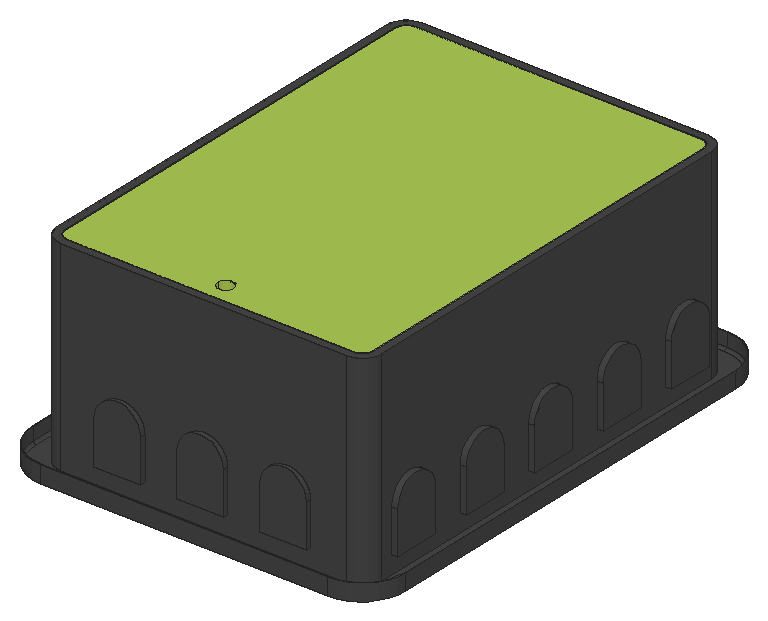
Revit family "VB Series Valves Boxes -  Super Jumbo Valve Box", category Acessórios do tubo, Revit 2020
Family settings
  Cota do conector redondo = Utilizar diâmetro
  Tipo de parte = Normal
  Número OmniClass = 23.60.00.00
  Título OmniClass = General Purpose: Services
  Com base no plano de trabalho = Não
  Sempre na vertical = Sim
  Corte com vazios quando carregada = Não
  Compartilhado = Não
Parameters (values of type "Super Jumbo Valve Box")
  x = 7 cm
  Door 9 [instance] = yes
  Door 8 [instance] = yes
  Door 7 [instance] = yes
  Door 6 [instance] = yes
  Door 5 [instance] = yes
  Door 4 [instance] = yes
  Door 3 [instance] = yes
  Door 2 [instance] = yes
  Door 16 [instance] = yes
  Door 15 [instance] = yes
  Door 14 [instance] = yes
  Door 13 [instance] = yes
  Door 12 [instance] = yes
  Door 11 [instance] = yes
  Door 10 [instance] = yes
  Door 1 [instance] = yes
  DDT4 = 0.1 cm
  URL = "https://www.rainbird.com/"
  Width = 60.5 cm
  SupportProjetos: Reviw Date = ""  # constant formula
  SupportProjetos: Reviw = "R00"  # constant formula
  SupportProjetos: Level of Detail = "LOD300"  # constant formula
  SupportProjetos: Developed = "MICHEL SOARES MOTA"  # constant formula
  SupportProjetos: Creation Date = "08/09/2020"  # constant formula
  RainBird: Product Link = "https://www.rainbird.com/"
  RainBird: Description = "VB Series Valves Boxes - Super Jumbo Valve Box"
  RainBird: Comment = ""
  RainBird: Code = "A61473"  # constant formula
  R = 3.5 cm
  Plastic 2 = Green 2
  Plastic 1 = Black
  Open/Close Box [instance] = yes
  Modelo = "VBSPRH"
  Height = 38.1 cm
  Elevação padrão = 0 cm
  Descrição = RainBird: Description  # "VB Series Valves Boxes - Super Jumbo Valve Box"
  DDT8 = 3 cm
  DDT7 = 4 cm
  DDT6 = 1.5 cm
  DDT5 = 2 cm
  DDT3 = Length / 2  # 42.05 cm
  DDT2 = Width / 2  # 30.25 cm
  DDT1 = 0.1 cm
  Length = 84.1 cm
Reference planes (cm)
  plane 1 "Centro (Frente/Trás)": y = 0
  plane 2: z = 0
  plane 3 "Centro (Esquerda/Direita)": x = 0
Forms (cm)
  Sweep 1, solid, material "Black" <- "Plastic 1"
    path origin (0, 0, 0) x (1, 0, 0) y (0, 1, 0)
      loop
        arc (-26.75, 42.05) -> (-29.2249, 41.0249) -> (-30.25, 38.55) r 3.5
        line (-30.25, 38.55) -> (-30.25, -38.55)
        arc (-30.25, -38.55) -> (-29.2249, -41.0249) -> (-26.75, -42.05) r 3.5
        line (-26.75, -42.05) -> (26.75, -42.05)
        arc (26.75, -42.05) -> (29.2249, -41.0249) -> (30.25, -38.55) r 3.5
        line (30.25, -38.55) -> (30.25, 38.55)
        arc (30.25, 38.55) -> (29.2249, 41.0249) -> (26.75, 42.05) r 3.5
        line (26.75, 42.05) -> (-26.75, 42.05)
    profile origin (0, 42.05, 0) x (0, 1, 0) y (0, 0, 1)
      loop
        line (4.7, -38.1) -> (4.7, -35) -> (4.6, -35) -> (4.6, -37.5)
        arc (4.6, -37.5) -> (4.4536, -37.8536) -> (4.1, -38) r 0.5
        line (4.1, -38) -> (0.1, -38) -> (0.1, 0) -> (-1.4, 0) -> (-1.4, -0.1) -> (0, -0.1) -> (0, -38.1) -> (4.7, -38.1)
  Extrusion 2, solid, material "Green 2" <- "Plastic 2", visible <- "Open/Close Box"
    sketch origin (0, 0, 0) x (1, 0, 0) y (0, 1, 0)
      loop
        arc (-28.75, -38.456) -> (-28.1367, -39.9367) -> (-26.656, -40.55) r 2.094
        line (-26.656, -40.55) -> (26.7398, -40.55)
        arc (26.7398, -40.55) -> (28.1612, -39.9612) -> (28.75, -38.5398) r 2.0102
        line (28.75, -38.5398) -> (28.75, 38.4539)
        arc (28.75, 38.4539) -> (28.1361, 39.9361) -> (26.6539, 40.55) r 2.0961
        line (26.6539, 40.55) -> (-26.6224, 40.55)
        arc (-26.6224, 40.55) -> (-28.1268, 39.9268) -> (-28.75, 38.4224) r 2.1276
        line (-28.75, 38.4224) -> (-28.75, -38.456)
    from -2 to 0
  Extrusion 3, void
    sketch origin (0.1435, 0, -9.5) x (1, 0, 0) y (0, 0, 1)
      loop
        line (-4.5, -24.9953) -> (4.213, -24.9953) -> (4.213, -16.9953)
        arc (4.213, -16.9953) -> (-0.1435, -12.6388) -> (-4.5, -16.9953) r 4.3565
        line (-4.5, -16.9953) -> (-4.5, -24.9953)
    from -43.5071 to 44.7753
  Extrusion 4, void
    sketch origin (-0.1631, -23.2276, 0) x (1, 0, 0) y (0, 1, 0)
      loop
        circle (0, -13.6318) r 1.5
    from -2 to 0
  Extrusion 5, solid, material "Black" <- "Plastic 1", visible <- "Door 2"
    sketch origin (0, 0, -6) x (1, 0, 0) y (0, 0, 1)
      loop
        arc (4.3565, -20.4953) -> (0, -16.1388) -> (-4.3565, -20.4953) r 4.3565
        line (-4.3565, -20.4953) -> (-4.3565, -28.4953) -> (4.3565, -28.4953) -> (4.3565, -20.4953)
    from 42.05 to 42.9897
  Extrusion 6, void
    sketch origin (-15.3565, 0, -9.5) x (1, 0, 0) y (0, 0, 1)
      loop
        line (-4.5, -24.9953) -> (4.213, -24.9953) -> (4.213, -16.9953)
        arc (4.213, -16.9953) -> (-0.1435, -12.6388) -> (-4.5, -16.9953) r 4.3565
        line (-4.5, -16.9953) -> (-4.5, -24.9953)
    from -43.5071 to 44.7753
  Extrusion 7, void
    sketch origin (15.3565, 0, -9.5) x (-1, 0, 0) y (0, 0, -1)
      loop
        line (-4.5, 24.9953) -> (-4.5, 16.9953)
        arc (-4.5, 16.9953) -> (-0.1435, 12.6388) -> (4.213, 16.9953) r 4.3565
        line (4.213, 16.9953) -> (4.213, 24.9953) -> (-4.5, 24.9953)
    from -43.5071 to 44.7753
  Extrusion 8, solid, material "Black" <- "Plastic 1", visible <- "Door 10"
    sketch origin (0, 0, -6) x (1, 0, 0) y (0, 0, -1)
      loop
        line (4.3565, 20.4953) -> (4.3565, 28.4953) -> (-4.3565, 28.4953) -> (-4.3565, 20.4953)
        arc (-4.3565, 20.4953) -> (0, 16.1388) -> (4.3565, 20.4953) r 4.3565
    from 42.05 to 42.9897
  Extrusion 9, solid, material "Black" <- "Plastic 1", visible <- "Door 3"
    sketch origin (15.5, 0, -6) x (1, 0, 0) y (0, 0, 1)
      loop
        arc (4.3565, -20.4953) -> (0, -16.1388) -> (-4.3565, -20.4953) r 4.3565
        line (-4.3565, -20.4953) -> (-4.3565, -28.4953) -> (4.3565, -28.4953) -> (4.3565, -20.4953)
    from 42.05 to 42.9897
  Extrusion 10, solid, material "Black" <- "Plastic 1", visible <- "Door 9"
    sketch origin (15.5, 0, -6) x (1, 0, 0) y (0, 0, -1)
      loop
        line (4.3565, 20.4953) -> (4.3565, 28.4953) -> (-4.3565, 28.4953) -> (-4.3565, 20.4953)
        arc (-4.3565, 20.4953) -> (0, 16.1388) -> (4.3565, 20.4953) r 4.3565
    from 42.05 to 42.9897
  Extrusion 11, solid, material "Black" <- "Plastic 1", visible <- "Door 1"
    sketch origin (-15.5, 0, -6) x (1, 0, 0) y (0, 0, 1)
      loop
        arc (4.3565, -20.4953) -> (0, -16.1388) -> (-4.3565, -20.4953) r 4.3565
        line (-4.3565, -20.4953) -> (-4.3565, -28.4953) -> (4.3565, -28.4953) -> (4.3565, -20.4953)
    from 42.05 to 42.9897
  Extrusion 12, solid, material "Black" <- "Plastic 1", visible <- "Door 11"
    sketch origin (-15.5, 0, -6) x (1, 0, 0) y (0, 0, -1)
      loop
        line (4.3565, 20.4953) -> (4.3565, 28.4953) -> (-4.3565, 28.4953) -> (-4.3565, 20.4953)
        arc (-4.3565, 20.4953) -> (0, 16.1388) -> (4.3565, 20.4953) r 4.3565
    from 42.05 to 42.9897
  Extrusion 13, void
    sketch origin (0, 0.1435, -9.5) x (0, 1, 0) y (0, 0, 1)
      loop
        line (-4.5, -24.9953) -> (4.213, -24.9953) -> (4.213, -16.9953)
        arc (4.213, -16.9953) -> (-0.1435, -12.6388) -> (-4.5, -16.9953) r 4.3565
        line (-4.5, -16.9953) -> (-4.5, -24.9953)
    from -30.25 to 30.35
  Extrusion 14, solid, material "Black" <- "Plastic 1", visible <- "Door 14"
    sketch origin (0, 0, -6) x (0, 1, 0) y (0, 0, -1)
      loop
        line (4.3565, 20.4953) -> (4.3565, 28.4953) -> (-4.3565, 28.4953) -> (-4.3565, 20.4953)
        arc (-4.3565, 20.4953) -> (0, 16.1388) -> (4.3565, 20.4953) r 4.3565
    from 30.25 to 31.6301
  Extrusion 15, solid, material "Black" <- "Plastic 1", visible <- "Door 6"
    sketch origin (0, 0, -6) x (0, 1, 0) y (0, 0, 1)
      loop
        arc (4.3565, -20.4953) -> (0, -16.1388) -> (-4.3565, -20.4953) r 4.3565
        line (-4.3565, -20.4953) -> (-4.3565, -28.4953) -> (4.3565, -28.4953) -> (4.3565, -20.4953)
    from 30.25 to 31.6301
  Extrusion 16, void
    sketch origin (0, 32.1435, -9.5) x (0, 1, 0) y (0, 0, 1)
      loop
        line (-4.5, -24.9953) -> (4.213, -24.9953) -> (4.213, -16.9953)
        arc (4.213, -16.9953) -> (-0.1435, -12.6388) -> (-4.5, -16.9953) r 4.3565
        line (-4.5, -16.9953) -> (-4.5, -24.9953)
    from -30.25 to 30.35
  Extrusion 17, solid, material "Black" <- "Plastic 1", visible <- "Door 12"
    sketch origin (0, 32, -6) x (0, 1, 0) y (0, 0, -1)
      loop
        line (4.3565, 20.4953) -> (4.3565, 28.4953) -> (-4.3565, 28.4953) -> (-4.3565, 20.4953)
        arc (-4.3565, 20.4953) -> (0, 16.1388) -> (4.3565, 20.4953) r 4.3565
    from 30.25 to 31.6301
  Extrusion 18, solid, material "Black" <- "Plastic 1", visible <- "Door 8"
    sketch origin (0, 32, -6) x (0, 1, 0) y (0, 0, 1)
      loop
        arc (4.3565, -20.4953) -> (0, -16.1388) -> (-4.3565, -20.4953) r 4.3565
        line (-4.3565, -20.4953) -> (-4.3565, -28.4953) -> (4.3565, -28.4953) -> (4.3565, -20.4953)
    from 30.25 to 31.6301
  Extrusion 19, void
    sketch origin (0, 16.1435, -9.5) x (0, 1, 0) y (0, 0, 1)
      loop
        line (-4.5, -24.9953) -> (4.213, -24.9953) -> (4.213, -16.9953)
        arc (4.213, -16.9953) -> (-0.1435, -12.6388) -> (-4.5, -16.9953) r 4.3565
        line (-4.5, -16.9953) -> (-4.5, -24.9953)
    from -30.25 to 30.35
  Extrusion 20, solid, material "Black" <- "Plastic 1", visible <- "Door 13"
    sketch origin (0, 16, -6) x (0, 1, 0) y (0, 0, -1)
      loop
        line (4.3565, 20.4953) -> (4.3565, 28.4953) -> (-4.3565, 28.4953) -> (-4.3565, 20.4953)
        arc (-4.3565, 20.4953) -> (0, 16.1388) -> (4.3565, 20.4953) r 4.3565
    from 30.25 to 31.6301
  Extrusion 21, solid, material "Black" <- "Plastic 1", visible <- "Door 7"
    sketch origin (0, 16, -6) x (0, 1, 0) y (0, 0, 1)
      loop
        arc (4.3565, -20.4953) -> (0, -16.1388) -> (-4.3565, -20.4953) r 4.3565
        line (-4.3565, -20.4953) -> (-4.3565, -28.4953) -> (4.3565, -28.4953) -> (4.3565, -20.4953)
    from 30.25 to 31.6301
  Extrusion 22, void
    sketch origin (0, -32.1435, -9.5) x (0, -1, 0) y (0, 0, -1)
      loop
        line (-4.5, 24.9953) -> (-4.5, 16.9953)
        arc (-4.5, 16.9953) -> (-0.1435, 12.6388) -> (4.213, 16.9953) r 4.3565
        line (4.213, 16.9953) -> (4.213, 24.9953) -> (-4.5, 24.9953)
    from -30.25 to 30.35
  Extrusion 23, solid, material "Black" <- "Plastic 1", visible <- "Door 16"
    sketch origin (0, -32, -6) x (0, -1, 0) y (0, 0, 1)
      loop
        arc (4.3565, -20.4953) -> (0, -16.1388) -> (-4.3565, -20.4953) r 4.3565
        line (-4.3565, -20.4953) -> (-4.3565, -28.4953) -> (4.3565, -28.4953) -> (4.3565, -20.4953)
    from 30.25 to 31.6301
  Extrusion 24, solid, material "Black" <- "Plastic 1", visible <- "Door 4"
    sketch origin (0, -32, -6) x (0, -1, 0) y (0, 0, -1)
      loop
        line (4.3565, 20.4953) -> (4.3565, 28.4953) -> (-4.3565, 28.4953) -> (-4.3565, 20.4953)
        arc (-4.3565, 20.4953) -> (0, 16.1388) -> (4.3565, 20.4953) r 4.3565
    from 30.25 to 31.6301
  Extrusion 25, void
    sketch origin (0, -16.1435, -9.5) x (0, -1, 0) y (0, 0, -1)
      loop
        line (-4.5, 24.9953) -> (-4.5, 16.9953)
        arc (-4.5, 16.9953) -> (-0.1435, 12.6388) -> (4.213, 16.9953) r 4.3565
        line (4.213, 16.9953) -> (4.213, 24.9953) -> (-4.5, 24.9953)
    from -30.25 to 30.35
  Extrusion 26, solid, material "Black" <- "Plastic 1", visible <- "Door 15"
    sketch origin (0, -16, -6) x (0, -1, 0) y (0, 0, 1)
      loop
        arc (4.3565, -20.4953) -> (0, -16.1388) -> (-4.3565, -20.4953) r 4.3565
        line (-4.3565, -20.4953) -> (-4.3565, -28.4953) -> (4.3565, -28.4953) -> (4.3565, -20.4953)
    from 30.25 to 31.6301
  Extrusion 27, solid, material "Black" <- "Plastic 1", visible <- "Door 5"
    sketch origin (0, -16, -6) x (0, -1, 0) y (0, 0, -1)
      loop
        line (4.3565, 20.4953) -> (4.3565, 28.4953) -> (-4.3565, 28.4953) -> (-4.3565, 20.4953)
        arc (-4.3565, 20.4953) -> (0, 16.1388) -> (4.3565, 20.4953) r 4.3565
    from 30.25 to 31.6301
Cuts and joins
  Extrusion 3, Extrusion 6, Extrusion 7, Extrusion 13, Extrusion 16, Extrusion 19, Extrusion 22, Extrusion 25 cuts Sweep 1
  Extrusion 4 cuts Extrusion 2
  Extrusion 6, Extrusion 13 cuts Extrusion 5
  Extrusion 13 cuts Extrusion 8
  Extrusion 13, Extrusion 16 cuts Extrusion 14
  Extrusion 16 cuts Extrusion 15
  Extrusion 16, Extrusion 19, Extrusion 22 cuts Extrusion 17
  Extrusion 16, Extrusion 19, Extrusion 22 cuts Extrusion 18
  Extrusion 19, Extrusion 25 cuts Extrusion 20
  Extrusion 19, Extrusion 25 cuts Extrusion 21
  Extrusion 22 cuts Extrusion 23
  Extrusion 22 cuts Extrusion 24
  Extrusion 25 cuts Extrusion 26
  Extrusion 25 cuts Extrusion 27
Dimensions and locks (cm)
  equal spacing: Sweep 1 sketch curve, plane 3 "Centro (Esquerda/Direita)", Sweep 1 sketch curve
  equal spacing: Sweep 1 sketch curve, plane 1 "Centro (Frente/Trás)", Sweep 1 sketch curve
  "Length": Sweep 1 sketch curve to Sweep 1 sketch curve
  "Width": Sweep 1 sketch curve to Sweep 1 sketch curve
  "DDT3": plane 1 "Centro (Frente/Trás)" to Sweep 1 sketch curve
  "Height": level to Sweep 1 sketch curve
  "DDT5": level to Extrusion 2
  "DDT6": Sweep 1 sketch curve to Sweep 1 sketch curve
  "DDT1": Sweep 1 sketch curve to Sweep 1 sketch curve  (x4)
  "DDT4": Sweep 1 to Extrusion 2 sketch curve
  "DDT4": Extrusion 2 sketch curve to Sweep 1  (x3)
  "DDT8": Sweep 1 sketch curve to Sweep 1 sketch curve
  "DDT7": Sweep 1 sketch curve to Sweep 1 sketch curve
  cut or joined group of Extrusion 2, Extrusion 4 to cut or joined group of Extrusion 2, Extrusion 4 = 57.5 cm
  cut or joined group of Extrusion 2, Extrusion 4 to cut or joined group of Extrusion 2, Extrusion 4 = 81.1 cm
  "R": radius of Sweep 1 sketch curve  (x4)
  aligned and locked: level to plane 2
  aligned and locked: level to Extrusion 2
  aligned and locked: Extrusion 2 to Extrusion 4  (x2)
Automatic sketch dimensions
  Extrusion 2 sketch curve to Extrusion 2 sketch curve = 2.094 cm
  Extrusion 2 sketch curve to Extrusion 2 sketch curve = 2.1276 cm
  Extrusion 2 sketch curve to Extrusion 2 sketch curve = 2.0961 cm
  Extrusion 2 sketch curve to Extrusion 2 sketch curve = 2.0102 cm
  Extrusion 3 sketch curve to plane 3 "Centro (Esquerda/Direita)" = 0 cm
  Extrusion 3 sketch curve to plane 3 "Centro (Esquerda/Direita)" = 4.3565 cm
  Extrusion 3 sketch curve to level = 34.4953 cm
  Extrusion 3 sketch curve to Extrusion 3 sketch curve = 8 cm
  Extrusion 4 sketch curve to plane 3 "Centro (Esquerda/Direita)" = 0.1631 cm
  plane 1 "Centro (Frente/Trás)" to Extrusion 4 sketch curve = 36.8595 cm
  Extrusion 5 sketch curve to plane 3 "Centro (Esquerda/Direita)" = 0 cm
  Extrusion 5 sketch curve to plane 3 "Centro (Esquerda/Direita)" = 4.3565 cm
  Extrusion 5 sketch curve to level = 34.4953 cm
  Extrusion 5 sketch curve to Extrusion 5 sketch curve = 8 cm
  Extrusion 6 sketch curve to plane 3 "Centro (Esquerda/Direita)" = 19.8565 cm
  Extrusion 6 sketch curve to Extrusion 6 sketch curve = 4.3565 cm
  Extrusion 6 sketch curve to level = 34.4953 cm
  Extrusion 6 sketch curve to Extrusion 6 sketch curve = 8 cm
  Extrusion 7 sketch curve to plane 3 "Centro (Esquerda/Direita)" = 19.8565 cm
  Extrusion 7 sketch curve to Extrusion 7 sketch curve = 4.3565 cm
  level to Extrusion 7 sketch curve = 34.4953 cm
  Extrusion 7 sketch curve to Extrusion 7 sketch curve = 8 cm
  Extrusion 8 sketch curve to plane 3 "Centro (Esquerda/Direita)" = 0 cm
  Extrusion 8 sketch curve to plane 3 "Centro (Esquerda/Direita)" = 4.3565 cm
  Extrusion 8 sketch curve to level = 26.4953 cm
  Extrusion 8 sketch curve to Extrusion 8 sketch curve = 8 cm
  plane 3 "Centro (Esquerda/Direita)" to Extrusion 9 sketch curve = 11.1435 cm
  Extrusion 9 sketch curve to Extrusion 9 sketch curve = 4.3565 cm
  Extrusion 9 sketch curve to level = 34.4953 cm
  Extrusion 9 sketch curve to Extrusion 9 sketch curve = 8 cm
  plane 3 "Centro (Esquerda/Direita)" to Extrusion 10 sketch curve = 11.1435 cm
  Extrusion 10 sketch curve to Extrusion 10 sketch curve = 4.3565 cm
  Extrusion 10 sketch curve to level = 26.4953 cm
  Extrusion 10 sketch curve to Extrusion 10 sketch curve = 8 cm
  Extrusion 11 sketch curve to plane 3 "Centro (Esquerda/Direita)" = 19.8565 cm
  Extrusion 11 sketch curve to Extrusion 11 sketch curve = 4.3565 cm
  Extrusion 11 sketch curve to level = 34.4953 cm
  Extrusion 11 sketch curve to Extrusion 11 sketch curve = 8 cm
  Extrusion 12 sketch curve to plane 3 "Centro (Esquerda/Direita)" = 19.8565 cm
  Extrusion 12 sketch curve to Extrusion 12 sketch curve = 4.3565 cm
  Extrusion 12 sketch curve to level = 26.4953 cm
  Extrusion 12 sketch curve to Extrusion 12 sketch curve = 8 cm
  Extrusion 13 sketch curve to plane 1 "Centro (Frente/Trás)" = 0 cm
  plane 1 "Centro (Frente/Trás)" to Extrusion 13 sketch curve = 4.3565 cm
  Extrusion 13 sketch curve to level = 34.4953 cm
  Extrusion 13 sketch curve to Extrusion 13 sketch curve = 8 cm
  Extrusion 14 sketch curve to plane 1 "Centro (Frente/Trás)" = 0 cm
  plane 1 "Centro (Frente/Trás)" to Extrusion 14 sketch curve = 4.3565 cm
  Extrusion 14 sketch curve to level = 26.4953 cm
  Extrusion 14 sketch curve to Extrusion 14 sketch curve = 8 cm
  Extrusion 15 sketch curve to plane 1 "Centro (Frente/Trás)" = 0 cm
  plane 1 "Centro (Frente/Trás)" to Extrusion 15 sketch curve = 4.3565 cm
  Extrusion 15 sketch curve to level = 34.4953 cm
  Extrusion 15 sketch curve to Extrusion 15 sketch curve = 8 cm
  Extrusion 16 sketch curve to plane 1 "Centro (Frente/Trás)" = 27.6435 cm
  Extrusion 16 sketch curve to Extrusion 16 sketch curve = 4.3565 cm
  Extrusion 16 sketch curve to level = 34.4953 cm
  Extrusion 16 sketch curve to Extrusion 16 sketch curve = 8 cm
  Extrusion 17 sketch curve to plane 1 "Centro (Frente/Trás)" = 27.6435 cm
  Extrusion 17 sketch curve to Extrusion 17 sketch curve = 4.3565 cm
  Extrusion 17 sketch curve to level = 26.4953 cm
  Extrusion 17 sketch curve to Extrusion 17 sketch curve = 8 cm
  Extrusion 18 sketch curve to plane 1 "Centro (Frente/Trás)" = 27.6435 cm
  Extrusion 18 sketch curve to Extrusion 18 sketch curve = 4.3565 cm
  Extrusion 18 sketch curve to level = 34.4953 cm
  Extrusion 18 sketch curve to Extrusion 18 sketch curve = 8 cm
  Extrusion 19 sketch curve to plane 1 "Centro (Frente/Trás)" = 11.6435 cm
  Extrusion 19 sketch curve to Extrusion 19 sketch curve = 4.3565 cm
  Extrusion 19 sketch curve to level = 34.4953 cm
  Extrusion 19 sketch curve to Extrusion 19 sketch curve = 8 cm
  Extrusion 20 sketch curve to plane 1 "Centro (Frente/Trás)" = 11.6435 cm
  Extrusion 20 sketch curve to Extrusion 20 sketch curve = 4.3565 cm
  Extrusion 20 sketch curve to level = 26.4953 cm
  Extrusion 20 sketch curve to Extrusion 20 sketch curve = 8 cm
  Extrusion 21 sketch curve to plane 1 "Centro (Frente/Trás)" = 11.6435 cm
  Extrusion 21 sketch curve to Extrusion 21 sketch curve = 4.3565 cm
  Extrusion 21 sketch curve to level = 34.4953 cm
  Extrusion 21 sketch curve to Extrusion 21 sketch curve = 8 cm
  plane 1 "Centro (Frente/Trás)" to Extrusion 22 sketch curve = 27.6435 cm
  Extrusion 22 sketch curve to Extrusion 22 sketch curve = 4.3565 cm
  Extrusion 22 sketch curve to level = 26.4953 cm
  Extrusion 22 sketch curve to Extrusion 22 sketch curve = 8 cm
  plane 1 "Centro (Frente/Trás)" to Extrusion 23 sketch curve = 27.6435 cm
  Extrusion 23 sketch curve to Extrusion 23 sketch curve = 4.3565 cm
  Extrusion 23 sketch curve to level = 34.4953 cm
  Extrusion 23 sketch curve to Extrusion 23 sketch curve = 8 cm
  plane 1 "Centro (Frente/Trás)" to Extrusion 24 sketch curve = 27.6435 cm
  Extrusion 24 sketch curve to Extrusion 24 sketch curve = 4.3565 cm
  Extrusion 24 sketch curve to level = 26.4953 cm
  Extrusion 24 sketch curve to Extrusion 24 sketch curve = 8 cm
  plane 1 "Centro (Frente/Trás)" to Extrusion 25 sketch curve = 11.6435 cm
  Extrusion 25 sketch curve to Extrusion 25 sketch curve = 4.3565 cm
  Extrusion 25 sketch curve to level = 26.4953 cm
  Extrusion 25 sketch curve to Extrusion 25 sketch curve = 8 cm
  plane 1 "Centro (Frente/Trás)" to Extrusion 26 sketch curve = 11.6435 cm
  Extrusion 26 sketch curve to Extrusion 26 sketch curve = 4.3565 cm
  Extrusion 26 sketch curve to level = 34.4953 cm
  Extrusion 26 sketch curve to Extrusion 26 sketch curve = 8 cm
  plane 1 "Centro (Frente/Trás)" to Extrusion 27 sketch curve = 11.6435 cm
  Extrusion 27 sketch curve to Extrusion 27 sketch curve = 4.3565 cm
  Extrusion 27 sketch curve to level = 26.4953 cm
  Extrusion 27 sketch curve to Extrusion 27 sketch curve = 8 cm
  Sweep 1 sketch curve to profile plane = 0 cm
  Sweep 1 sketch curve to Sweep 1 sketch curve = 0.5 cm
  radius of Extrusion 4 sketch curve = 1.5 cm
